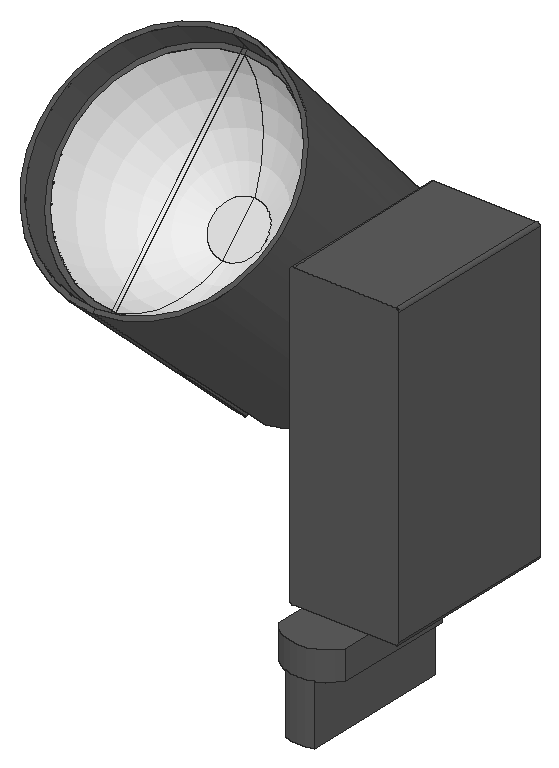
Revit family "0004943 Feilo Sylvania Lighting Fixture START TRACK SPOT L DALI 3306LM 930 MB BLK", category Lighting Fixtures, host Face, Revit 2017
Family settings
  Host = Face
  Round Connector Dimension = Use Diameter
  Part Type = Normal
  OmniClass Number = 23.80.70.00
  OmniClass Title = Lighting
  Cut with Voids When Loaded = No
  Light Source = No
  Shared = No
  Room Calculation Point = No
Parameters (values of type "0004943 START TRACK SPOT L DALI 3306LM 930 MB BLK")
  Weight = "1.368 kg"
  Wattage Comments = ""
  WarrantyStartDate [instance] = "n/a"
  WarrantyGuarantorParts = "n/a"
  WarrantyDurationUnit = "n/a"
  WarrantyDurationParts = "n/a"
  WarrantyDescription = "n/a"
  Voltage = 230 V
  URL = "http://www.sylvania-lighting.com/"
  TypeName = "START TRACK SPOT L DALI 3306LM 930 MB BLK"
  TypeHead_FEILO = Start Track Spot Head : 0004890 START TRACK SPOT L 35W 3K RA90 MB BLACK
  TypeBox_FEILO = Start Track Spot Box : Type Large Black
  Type Image = <None>
  Type Comments = "n/a"
  VerticalRotation_FEILO [instance] = 0.00°
  SlideEndAngle_FEILO [instance] = VerticalRotation_FEILO + 180.00°  # 180.00°
  SerialNumber [instance] = "n/a"
  Material_3_FEILO = none
  PowerFactor = 0.93
  PowerConsumption = "35 W"
  NominalLength = 0 mm
  NominalHeight = 240 mm
  NominalDepth = 164 mm
  Name = "START TRACK SPOT L DALI 3306LM 930 MB BLK"
  ModelReference = Name  # "START TRACK SPOT L DALI 3306LM 930 MB BLK"
  ModelNumber = "0004943"
  Model = Name  # "START TRACK SPOT L DALI 3306LM 930 MB BLK"
  Material = "adc12 aluminium housing, polycarbonate diffuser"
  ManufacturerName = "Feilo Sylvania"
  Manufacturer = "Feilo Sylvania"
  LuminousEfficacy = "94 lm/W"
  LuminaireType = ""
  LightOutputRatio = "100"
  LampsType = Lamp  # "LED"
  LampNominalLuminous = "3306 lm"
  LampMacAdamStep = "3"
  LampColourTemperature = "3000 K"
  LampColourRenderingIndex = "90"
  Lamp = "LED"
  Keynote = "16500"
  InstallationDate [instance] = "n/a"
  InputVoltage = "230-240V~"
  InputNominalFrequency = "50/60 Hz"
  IngressProtection = "IP20"
  ImpactProtectionIndex = "IK02"
  IfcExportType = "IfcLightFixtureType"
  IfcExportAs = "IfcLightFixtureType"
  HorizontalRotation_FEILO [instance] = 45.00°
  ExpectedLife = 50000
  ElectricShockClassification = "Class II"
  DurationUnit = "hours"
  DocumentationLiterature = "http://www.sylvania-lighting.com/product/en-int/products/0004890"
  DimmingControlOptions = "Dimmable"
  Material_2_FEILO = none
  Description = "Integrated LED spotlight, Textured Black - RAL9005, compact and minimalist design, ideal for retail applications, die-cast aluminium body, passive cooling heatsink. Beam angle: 38°, color temperature: 3000K , total system power: 35W, total fixture output: 3306 lm, LOR: 100%, colour rendering: Ra: 90 typical, LED Chromaticity: 3 step MacAdam ellipse, lifetime: >50000 hours at L70B50, energy class: A++, A+, A, IR/UV free light source without heat radiation, operating voltage: 220-240V / 50-60Hz, drive current: 900mA, electronic driver, non-dimmable, power factor: 0.93, electrical protection: Class II, Global Track 3 Phase adapter suitable for Global trac 3-circuit tracks, ingress protection rating: IP20, suitable for internal environment only, horizontal rotation: 355°, vertical tilt: 90°, dimensions: Ø113x164x240, weight: 1.368kg."
  Default Elevation = 1219.2 mm
  CreatedOn = "04/26/2018"
  CreatedBy = ""
  Cost = 0
  built-in parameter 1114216 [instance] = (empty or 0)
  ClassificationValue = "EF_70_80"
  ClassificationName = "Uniclass2015"
  Material_1_FEILO = Body-Sylvania-StartTrackSpot-Black
  BarCode [instance] = "n/a"
  AssetType = "Fixed"
  AssetIdentifier [instance] = "n/a"
  Assembly Code = "D5020200"
  Apparent Load = 35 VA
  Material_4_FEILO = none
Reference planes
  plane 1 "Center (Front/Back)": y = 0
  plane 2: z = 0
  plane 3 "Center (Left/Right)": x = 0
  plane 4: x = 15
  plane 5: x = -15
  plane 6: y = 35
  plane 7: y = -35
  plane 8: z = 13
  plane 9: z = -27
  plane 10: x = 6.5
  plane 11: x = -6.5
  plane 12: y = 27
  plane 13: y = -27
  plane 14: y = 20
Forms (mm)
  Extrusion 1, solid, material "Body-Sylvania-StartTrackSpot-Black" <- "Material_1_FEILO"
    sketch origin (0, 0, 0) x (1, 0, 0) y (0, 1, 0)
      loop
        line (-15, 27) -> (-15, -27)
        arc (-15, -27) -> (0, -35) -> (15, -27) r 18.062
        line (15, -27) -> (15, 27)
        arc (15, 27) -> (0, 35) -> (-15, 27) r 18.062
    from 0 to 13
  Extrusion 2, solid, material "Body-Sylvania-StartTrackSpot-Black" <- "Material_1_FEILO"
    sketch origin (0, 0, 0) x (1, 0, 0) y (0, 1, 0)
      loop
        arc (6.5, 33.79) -> (0, 35) -> (-6.5, 33.79) r 18.062
        line (-6.5, 33.79) -> (-6.5, -33.79)
        arc (-6.5, -33.79) -> (0, -35) -> (6.5, -33.79) r 18.062
        line (6.5, -33.79) -> (6.5, 33.79)
    from 0 to -27
  Revolve 3, solid, not visible
    sketch origin (1524, 20, 1219.2) x (1, 0, 0) y (0, 0, 1)
      loop
        line (-1524, -1206.2) -> (-1524, -1191.285) -> (-1530.5, -1191.285) -> (-1530.5, -1206.2) -> (-1524, -1206.2)
      axis (-1524, -1191.285) -> (-1524, -1206.2)
    angle from 0 <- "VerticalRotation_FEILO" to 180 <- "SlideEndAngle_FEILO"
Cuts and joins
  joined: Extrusion 1, Extrusion 2
Dimensions and locks
  equal spacing: plane 10, plane 3 "Center (Left/Right)", plane 11
  equal spacing: plane 4, plane 3 "Center (Left/Right)", plane 5
  locked: plane 8 to plane 2 at 13
  locked: plane 8 to plane 9 at 40
  equal spacing: plane 13, plane 1 "Center (Front/Back)", plane 12
  locked: plane 12 to plane 6 at 8
  locked: plane 14 to plane 6 at 15
  locked: Revolve 3 sketch curve to plane 8 at 14.915
  aligned and locked: plane 2 to host face
  aligned and locked: level to host face
  aligned and locked: plane 5 to Extrusion 1 sketch curve  (x2)
  aligned and locked: plane 12 to Extrusion 1 sketch curve
  aligned and locked: plane 13 to Extrusion 1 sketch curve
  aligned and locked: plane 4 to Extrusion 1 sketch curve
  aligned and locked: Extrusion 1 to plane 8
  aligned and locked: Extrusion 1 to level
  aligned and locked: Extrusion 2 sketch curve to Extrusion 1  (x2)
  aligned and locked: Extrusion 2 sketch curve to plane 11
  aligned and locked: plane 10 to Extrusion 2 sketch curve
  aligned and locked: plane 9 to Extrusion 2
  aligned and locked: level to Extrusion 2
  aligned and locked: Revolve 3 sketch curve to plane 3 "Center (Left/Right)"  (x2)
  aligned and locked: plane 11 to Revolve 3 sketch curve
  aligned and locked: Revolve 3 sketch curve to plane 8
Automatic sketch dimensions
  host sketch curve to host sketch curve = 2438.4 mm  (x2)
  Extrusion 1 sketch curve to plane 3 "Center (Left/Right)" = 0 mm  (x2)
  Extrusion 1 sketch curve to plane 13 = 10.062 mm
  plane 12 to Extrusion 1 sketch curve = 10.062 mm
  Revolve 3 sketch curve to plane 3 "Center (Left/Right)" = 0 mm
  plane 9 to Revolve 3 sketch curve = 582.6 mm
  Revolve 3 sketch curve to Revolve 3 sketch curve = 2581.144 mm
Nested families
  nested 1: "Start Track Spot Head" at (-75.5, 20, 133) x (0, 0.7071, 0.7071) z (0, 0.7071, -0.7071), type <- "TypeHead_FEILO", type "0004890 START TRACK SPOT L 35W 3K RA90 MB BLACK"
    with built-in parameter 1114216 (empty or 0)
  nested 2: "Start Track Spot Box" at (8.5, 20, 85) x (-1, 0, 0) z (0, -1, 0), BoxStartAngle_FEILO <- "HorizontalRotation_FEILO", type <- "TypeBox_FEILO", type "Type Large Black"
    with BoxStartAngle_FEILO 45.00°, BoxEndAngle_FEILO -135.00°
Connectors
  electrical at (0, 0, 0), driven by "Apparent Load", driven by "PowerFactor", driven by "Voltage"
    settings: index 1, voltage 230 V, apparent load 35 VA, apparent load phase1 0 VA, apparent load phase2 0 VA, apparent load phase3 0 VA, power factor 0.93, load classification "Lighting", number of poles 1, system type 30, power factor state 1, is connector primary yes, connector utility no, sub classification motor no, connector description ""
Definition of nested family "Start Track Spot Head"
  Parameters (values of type "0004811 START TRACK SPOT S 14W 3K RA80 NB WHITE")
    Wattage Comments = "n/a"
    Wattage = 14 W
    built-in parameter 1150110 = 1 (stored number, unit not read)
    URL = "http://www.feilosylvania.com"
    Type Image = (empty or 0)
    Type Comments = "n/a"
    built-in parameter 1114217 = 1 (stored number, unit not read)
    Tilt Angle = -90.00°
    built-in parameter 1150109 = 1 (stored number, unit not read)
    built-in parameter 1150134 = (empty or 0)
    built-in parameter 1150113 = 1 (stored number, unit not read)
    Photometric Web File = "0004811.ies"
    Material_3_FEILO = none
    Model = "START TRACK SPOT S 14W 3K RA80 NB WHITE"
    Manufacturer = "Feilo Sylvania"
    built-in parameter 1150105 = 123.66 (stored number, unit not read)
    Lumens = 1554 lm
    built-in parameter 1150115 = 1 (stored number, unit not read)
    built-in parameter 1150137 = (empty or 0)
    built-in parameter 1150139 = (empty or 0)
    built-in parameter 1150112 = 1 (stored number, unit not read)
    built-in parameter 1150114 = 1 (stored number, unit not read)
    Lamp = "LED"
    Keynote = "16500"
    Material_2_FEILO = none
    built-in parameter 1150132 = (empty or 0)
    built-in parameter 1150102 = (empty or 0)
    built-in parameter 1150107 = 3000 (stored number, unit not read)
    built-in parameter 1150138 = (empty or 0)
    built-in parameter 1150106 = 1.2366 (stored number, unit not read)
    HeadThickness_FEILO = if(HeadDiaOut_FEILO > 112 mm, 2 mm, 1.5 mm)  # 1.5 mm
    HeadRibOffset_FEILO = HeadHeight_FEILO / 28  # 4.179 mm
    HeadRibDepth_FEILO = HeadHeight_FEILO / 2.1  # 55.714 mm
    HeadRibCutWidth_FEILO = HeadDiaOut_FEILO / 12  # 7.167 mm
    HeadRibCutOffset_FEILO = HeadHeight_FEILO / 2.3  # 50.87 mm
    HeadReflectorRadius_FEILO = HeadDiaOut_FEILO / 1.7  # 50.588 mm
    HeadReflectorOffset_FEILO = HeadHeight_FEILO / 2.1  # 55.714 mm
    HeadLEDRadius_FEILO = HeadDiaOut_FEILO / 9  # 9.556 mm
    HeadHeight_FEILO = 117 mm
    HeadDraft_FEILO = 1 mm
    HeadDiffusorThickness_FEILO = 3 mm
    HeadDiffusorOffset_FEILO = HeadHeight_FEILO / 12.4  # 9.435 mm
    HeadDiaOut_FEILO = 86 mm
    HeadDiaIn_FEILO = HeadDiaOut_FEILO / 1.11  # 77.477 mm
    HeadAxisFromTop_FEILO = HeadHeight_FEILO / 1.687  # 69.354 mm
    Emit from Circle Diameter = HeadDiaIn_FEILO  # 77.477 mm
    Emit Shape Visible in Rendering = no
    built-in parameter 1150104 = 10.312 (stored number, unit not read)
    Dimming Lamp Color Temperature Shift = (empty or 0)
    Description = "Integrated LED spotlight, Textured White - RAL9016, compact and minimalist design, ideal for retail applications, die-cast aluminium body, passive cooling heatsink. Beam angle: 12°, color temperature: 3000K , total system power: 14W, total fixture output: 1551 lm, LOR: 100%, colour rendering: Ra: 80 typical, LED Chromaticity: 3 step MacAdam ellipse, lifetime: >50000 hours at L70B50, energy class: A++, A+, A, IR/UV free light source without heat radiation, operating voltage: 220-240V / 50-60Hz, drive current: 350mA, electronic driver, non-dimmable, power factor: 0.92, electrical protection: Class II, Global Track 3 Phase adapter suitable for Global trac 3-circuit tracks, ingress protection rating: IP20, suitable for internal environment only, horizontal rotation: 355°, vertical tilt: 90°, dimensions: Ø86x140x200, weight: 0.940kg."
    Default Elevation = 1219.2 mm
    Cost = 0
    Color Filter = 16777215
    built-in parameter 1114216 [instance] = (empty or 0)
    Material_1_FEILO = none
    built-in parameter 1114218 = 1 (stored number, unit not read)
    built-in parameter 1150133 = 10 (stored number, unit not read)
    Assembly Code = "D5020200"
    Apparent Load = 14 VA
    Material_4_FEILO = none
  Types (96, lengths in mm): name | Wattage | built-in parameter 1150134 | Photometric Web File | Model | built-in parameter 1150105 | Lumens | built-in parameter 1150107 | built-in parameter 1150106 | HeadThickness_FEILO | HeadRibOffset_FEILO | HeadRibDepth_FEILO | HeadRibCutWidth_FEILO | HeadRibCutOffset_FEILO | HeadReflectorRadius_FEILO | HeadReflectorOffset_FEILO | HeadLEDRadius_FEILO | HeadHeight_FEILO | HeadDiffusorOffset_FEILO | HeadDiaOut_FEILO | HeadDiaIn_FEILO | HeadAxisFromTop_FEILO | Emit from Circle Diameter | built-in parameter 1150104 | Description | Apparent Load
    0004906 START TRACK SPOT L 55W 4K RA90 WB BLACK | 55 W | 12 | "0004906.ies" | "START TRACK SPOT L 55W 4K RA90 WB BLACK" | 385.15 (stored number, unit not read) | 4840 lm | 4000 (stored number, unit not read) | 3.8515 (stored number, unit not read) | 2 | 4.429 | 59.048 | 9.417 | 53.913 | 66.471 | 59.048 | 12.556 | 124 | 10 | 113 | 101.802 | 73.503 | 101.802 | 8.1755 (stored number, unit not read) | "Integrated LED spotlight, Textured Black - RAL9005, compact and minimalist design, ideal for retail applications, die-cast aluminium body, passive cooling heatsink. Beam angle: 52°, color temperature: 4000K , total system power: 55W, total fixture output: 4824 lm, LOR: 100%, colour rendering: Ra: 90 typical, LED Chromaticity: 3 step MacAdam ellipse, lifetime: >50000 hours at L70B50, energy class: A++, A+, A, IR/UV free light source without heat radiation, operating voltage: 220-240V / 50-60Hz, drive current: 1400mA, electronic driver, non-dimmable, power factor: 0.96, electrical protection: Class II, Global Track 3 Phase adapter suitable for Global trac 3-circuit tracks, ingress protection rating: IP20, suitable for internal environment only, horizontal rotation: 355°, vertical tilt: 90°, dimensions: Ø113x164x240, weight: 1.398kg." | 55 VA
    0004905 START TRACK SPOT L 55W 4K RA90 MB BLACK | 55 W | 12 | "0004905.ies" | "START TRACK SPOT L 55W 4K RA90 MB BLACK" | 389.53 (stored number, unit not read) | 4895 lm | 4000 (stored number, unit not read) | 3.8953 (stored number, unit not read) | 2 | 4.429 | 59.048 | 9.417 | 53.913 | 66.471 | 59.048 | 12.556 | 124 | 10 | 113 | 101.802 | 73.503 | 101.802 | 8.2684 (stored number, unit not read) | "Integrated LED spotlight, Textured Black - RAL9005, compact and minimalist design, ideal for retail applications, die-cast aluminium body, passive cooling heatsink. Beam angle: 38°, color temperature: 4000K , total system power: 55W, total fixture output: 4897 lm, LOR: 100%, colour rendering: Ra: 90 typical, LED Chromaticity: 3 step MacAdam ellipse, lifetime: >50000 hours at L70B50, energy class: A++, A+, A, IR/UV free light source without heat radiation, operating voltage: 220-240V / 50-60Hz, drive current: 1400mA, electronic driver, non-dimmable, power factor: 0.96, electrical protection: Class II, Global Track 3 Phase adapter suitable for Global trac 3-circuit tracks, ingress protection rating: IP20, suitable for internal environment only, horizontal rotation: 355°, vertical tilt: 90°, dimensions: Ø113x164x240, weight: 1.398kg." | 55 VA
    0004904 START TRACK SPOT L 55W 4K RA90 NB BLACK | 55 W | 12 | "0004904.ies" | "START TRACK SPOT L 55W 4K RA90 NB BLACK" | 393.91 (stored number, unit not read) | 4950 lm | 4000 (stored number, unit not read) | 3.9391 (stored number, unit not read) | 2 | 4.429 | 59.048 | 9.417 | 53.913 | 66.471 | 59.048 | 12.556 | 124 | 10 | 113 | 101.802 | 73.503 | 101.802 | 8.3613 (stored number, unit not read) | "Integrated LED spotlight, Textured Black - RAL9005, compact and minimalist design, ideal for retail applications, die-cast aluminium body, passive cooling heatsink. Beam angle: 15°, color temperature: 4000K , total system power: 55W, total fixture output: 4965 lm, LOR: 100%, colour rendering: Ra: 90 typical, LED Chromaticity: 3 step MacAdam ellipse, lifetime: >50000 hours at L70B50, energy class: A++, A+, A, IR/UV free light source without heat radiation, operating voltage: 220-240V / 50-60Hz, drive current: 1400mA, electronic driver, non-dimmable, power factor: 0.96, electrical protection: Class II, Global Track 3 Phase adapter suitable for Global trac 3-circuit tracks, ingress protection rating: IP20, suitable for internal environment only, horizontal rotation: 355°, vertical tilt: 90°, dimensions: Ø113x164x240, weight: 1.398kg." | 55 VA
    0004903 START TRACK SPOT L 35W 4K RA90 WB BLACK | 35 W | 12 | "0004903.ies" | "START TRACK SPOT L 35W 4K RA90 WB BLACK" | 284.09 (stored number, unit not read) | 3570 lm | 4000 (stored number, unit not read) | 2.8409 (stored number, unit not read) | 2 | 4.429 | 59.048 | 9.417 | 53.913 | 66.471 | 59.048 | 12.556 | 124 | 10 | 113 | 101.802 | 73.503 | 101.802 | 9.4761 (stored number, unit not read) | "Integrated LED spotlight, Textured Black - RAL9005, compact and minimalist design, ideal for retail applications, die-cast aluminium body, passive cooling heatsink. Beam angle: 52°, color temperature: 4000K , total system power: 35W, total fixture output: 3562 lm, LOR: 100%, colour rendering: Ra: 90 typical, LED Chromaticity: 3 step MacAdam ellipse, lifetime: >50000 hours at L70B50, energy class: A++, A+, A, IR/UV free light source without heat radiation, operating voltage: 220-240V / 50-60Hz, drive current: 900mA, electronic driver, non-dimmable, power factor: 0.93, electrical protection: Class II, Global Track 3 Phase adapter suitable for Global trac 3-circuit tracks, ingress protection rating: IP20, suitable for internal environment only, horizontal rotation: 355°, vertical tilt: 90°, dimensions: Ø113x164x240, weight: 1.368kg." | 35 VA
    0004902 START TRACK SPOT L 35W 4K RA90 MB BLACK | 35 W | 12 | "0004902.ies" | "START TRACK SPOT L 35W 4K RA90 MB BLACK" | 286.88 (stored number, unit not read) | 3605 lm | 4000 (stored number, unit not read) | 2.8688 (stored number, unit not read) | 2 | 4.429 | 59.048 | 9.417 | 53.913 | 66.471 | 59.048 | 12.556 | 124 | 10 | 113 | 101.802 | 73.503 | 101.802 | 9.569 (stored number, unit not read) | "Integrated LED spotlight, Textured Black - RAL9005, compact and minimalist design, ideal for retail applications, die-cast aluminium body, passive cooling heatsink. Beam angle: 38°, color temperature: 4000K , total system power: 35W, total fixture output: 3616 lm, LOR: 100%, colour rendering: Ra: 90 typical, LED Chromaticity: 3 step MacAdam ellipse, lifetime: >50000 hours at L70B50, energy class: A++, A+, A, IR/UV free light source without heat radiation, operating voltage: 220-240V / 50-60Hz, drive current: 900mA, electronic driver, non-dimmable, power factor: 0.93, electrical protection: Class II, Global Track 3 Phase adapter suitable for Global trac 3-circuit tracks, ingress protection rating: IP20, suitable for internal environment only, horizontal rotation: 355°, vertical tilt: 90°, dimensions: Ø113x164x240, weight: 1.368kg." | 35 VA
    0004901 START TRACK SPOT L 35W 4K RA90 NB BLACK | 35 W | 12 | "0004901.ies" | "START TRACK SPOT L 35W 4K RA90 NB BLACK" | 286.88 (stored number, unit not read) | 3605 lm | 4000 (stored number, unit not read) | 2.8688 (stored number, unit not read) | 2 | 4.429 | 59.048 | 9.417 | 53.913 | 66.471 | 59.048 | 12.556 | 124 | 10 | 113 | 101.802 | 73.503 | 101.802 | 9.569 (stored number, unit not read) | "Integrated LED spotlight, Textured Black - RAL9005, compact and minimalist design, ideal for retail applications, die-cast aluminium body, passive cooling heatsink. Beam angle: 15°, color temperature: 4000K , total system power: 35W, total fixture output: 3593 lm, LOR: 100%, colour rendering: Ra: 90 typical, LED Chromaticity: 3 step MacAdam ellipse, lifetime: >50000 hours at L70B50, energy class: A++, A+, A, IR/UV free light source without heat radiation, operating voltage: 220-240V / 50-60Hz, drive current: 900mA, electronic driver, non-dimmable, power factor: 0.93, electrical protection: Class II, Global Track 3 Phase adapter suitable for Global trac 3-circuit tracks, ingress protection rating: IP20, suitable for internal environment only, horizontal rotation: 355°, vertical tilt: 90°, dimensions: Ø113x164x240, weight: 1.368kg." | 35 VA
    0004900 START TRACK SPOT S 24W 4K RA90 WB BLACK | 24 W | 12 | "0004900.ies" | "START TRACK SPOT S 24W 4K RA90 WB BLACK" | 166.16 (stored number, unit not read) | 2088 lm | 4000 (stored number, unit not read) | 1.6616 (stored number, unit not read) | 1.5 | 4.179 | 55.714 | 7.167 | 50.87 | 50.588 | 55.714 | 9.556 | 117 | 9.435 | 86 | 77.477 | 69.354 | 77.477 | 8.0826 (stored number, unit not read) | "Integrated LED spotlight, Textured Black - RAL9005, compact and minimalist design, ideal for retail applications, die-cast aluminium body, passive cooling heatsink. Beam angle: 64°, color temperature: 4000K , total system power: 24W, total fixture output: 2087 lm, LOR: 100%, colour rendering: Ra: 90 typical, LED Chromaticity: 3 step MacAdam ellipse, lifetime: >50000 hours at L70B50, energy class: A++, A+, A, IR/UV free light source without heat radiation, operating voltage: 220-240V / 50-60Hz, drive current: 600mA, electronic driver, non-dimmable, power factor: 0.95, electrical protection: Class II, Global Track 3 Phase adapter suitable for Global trac 3-circuit tracks, ingress protection rating: IP20, suitable for internal environment only, horizontal rotation: 355°, vertical tilt: 90°, dimensions: Ø86x140x200, weight: 0.966kg." | 24 VA
    0004899 START TRACK SPOT S 24W 4K RA90 MB BLACK | 24 W | 12 | "0004899.ies" | "START TRACK SPOT S 24W 4K RA90 MB BLACK" | 169.98 (stored number, unit not read) | 2136 lm | 4000 (stored number, unit not read) | 1.6998 (stored number, unit not read) | 1.5 | 4.179 | 55.714 | 7.167 | 50.87 | 50.588 | 55.714 | 9.556 | 117 | 9.435 | 86 | 77.477 | 69.354 | 77.477 | 8.2684 (stored number, unit not read) | "Integrated LED spotlight, Textured Black - RAL9005, compact and minimalist design, ideal for retail applications, die-cast aluminium body, passive cooling heatsink. Beam angle: 36°, color temperature: 4000K , total system power: 24W, total fixture output: 2141 lm, LOR: 100%, colour rendering: Ra: 90 typical, LED Chromaticity: 3 step MacAdam ellipse, lifetime: >50000 hours at L70B50, energy class: A++, A+, A, IR/UV free light source without heat radiation, operating voltage: 220-240V / 50-60Hz, drive current: 600mA, electronic driver, non-dimmable, power factor: 0.95, electrical protection: Class II, Global Track 3 Phase adapter suitable for Global trac 3-circuit tracks, ingress protection rating: IP20, suitable for internal environment only, horizontal rotation: 355°, vertical tilt: 90°, dimensions: Ø86x140x200, weight: 0.966kg." | 24 VA
    0004898 START TRACK SPOT S 24W 4K RA90 NB BLACK | 24 W | 12 | "0004898.ies" | "START TRACK SPOT S 24W 4K RA90 NB BLACK" | 171.89 (stored number, unit not read) | 2160 lm | 4000 (stored number, unit not read) | 1.7189 (stored number, unit not read) | 1.5 | 4.179 | 55.714 | 7.167 | 50.87 | 50.588 | 55.714 | 9.556 | 117 | 9.435 | 86 | 77.477 | 69.354 | 77.477 | 8.3613 (stored number, unit not read) | "Integrated LED spotlight, Textured Black - RAL9005, compact and minimalist design, ideal for retail applications, die-cast aluminium body, passive cooling heatsink. Beam angle: 12°, color temperature: 4000K , total system power: 24W, total fixture output: 2155 lm, LOR: 100%, colour rendering: Ra: 90 typical, LED Chromaticity: 3 step MacAdam ellipse, lifetime: >50000 hours at L70B50, energy class: A++, A+, A, IR/UV free light source without heat radiation, operating voltage: 220-240V / 50-60Hz, drive current: 600mA, electronic driver, non-dimmable, power factor: 0.95, electrical protection: Class II, Global Track 3 Phase adapter suitable for Global trac 3-circuit tracks, ingress protection rating: IP20, suitable for internal environment only, horizontal rotation: 355°, vertical tilt: 90°, dimensions: Ø86x140x200, weight: 0.966kg." | 24 VA
    0004897 START TRACK SPOT S 14W 4K RA90 WB BLACK | 14 W | 12 | "0004897.ies" | "START TRACK SPOT S 14W 4K RA90 WB BLACK" | 108.07 (stored number, unit not read) | 1358 lm | 4000 (stored number, unit not read) | 1.0807 (stored number, unit not read) | 1.5 | 4.179 | 55.714 | 7.167 | 50.87 | 50.588 | 55.714 | 9.556 | 117 | 9.435 | 86 | 77.477 | 69.354 | 77.477 | 9.0116 (stored number, unit not read) | "Integrated LED spotlight, Textured Black - RAL9005, compact and minimalist design, ideal for retail applications, die-cast aluminium body, passive cooling heatsink. Beam angle: 64°, color temperature: 4000K , total system power: 14W, total fixture output: 1352 lm, LOR: 100%, colour rendering: Ra: 90 typical, LED Chromaticity: 3 step MacAdam ellipse, lifetime: >50000 hours at L70B50, energy class: A++, A+, A, IR/UV free light source without heat radiation, operating voltage: 220-240V / 50-60Hz, drive current: 350mA, electronic driver, non-dimmable, power factor: 0.92, electrical protection: Class II, Global Track 3 Phase adapter suitable for Global trac 3-circuit tracks, ingress protection rating: IP20, suitable for internal environment only, horizontal rotation: 355°, vertical tilt: 90°, dimensions: Ø86x140x200, weight: 0.940kg." | 14 VA
    0004896 START TRACK SPOT S 14W 4K RA90 MB BLACK | 14 W | 12 | "0004896.ies" | "START TRACK SPOT S 14W 4K RA90 MB BLACK" | 108.07 (stored number, unit not read) | 1358 lm | 4000 (stored number, unit not read) | 1.0807 (stored number, unit not read) | 1.5 | 4.179 | 55.714 | 7.167 | 50.87 | 50.588 | 55.714 | 9.556 | 117 | 9.435 | 86 | 77.477 | 69.354 | 77.477 | 9.0116 (stored number, unit not read) | "Integrated LED spotlight, Textured Black - RAL9005, compact and minimalist design, ideal for retail applications, die-cast aluminium body, passive cooling heatsink. Beam angle: 36°, color temperature: 4000K , total system power: 14W, total fixture output: 1359 lm, LOR: 100%, colour rendering: Ra: 90 typical, LED Chromaticity: 3 step MacAdam ellipse, lifetime: >50000 hours at L70B50, energy class: A++, A+, A, IR/UV free light source without heat radiation, operating voltage: 220-240V / 50-60Hz, drive current: 350mA, electronic driver, non-dimmable, power factor: 0.92, electrical protection: Class II, Global Track 3 Phase adapter suitable for Global trac 3-circuit tracks, ingress protection rating: IP20, suitable for internal environment only, horizontal rotation: 355°, vertical tilt: 90°, dimensions: Ø86x140x200, weight: 0.940kg." | 14 VA
    0004895 START TRACK SPOT S 14W 4K RA90 NB BLACK | 14 W | 12 | "0004895.ies" | "START TRACK SPOT S 14W 4K RA90 NB BLACK" | 106.95 (stored number, unit not read) | 1344 lm | 4000 (stored number, unit not read) | 1.0695 (stored number, unit not read) | 1.5 | 4.179 | 55.714 | 7.167 | 50.87 | 50.588 | 55.714 | 9.556 | 117 | 9.435 | 86 | 77.477 | 69.354 | 77.477 | 8.9187 (stored number, unit not read) | "Integrated LED spotlight, Textured Black - RAL9005, compact and minimalist design, ideal for retail applications, die-cast aluminium body, passive cooling heatsink. Beam angle: 12°, color temperature: 4000K , total system power: 14W, total fixture output: 1349 lm, LOR: 100%, colour rendering: Ra: 90 typical, LED Chromaticity: 3 step MacAdam ellipse, lifetime: >50000 hours at L70B50, energy class: A++, A+, A, IR/UV free light source without heat radiation, operating voltage: 220-240V / 50-60Hz, drive current: 350mA, electronic driver, non-dimmable, power factor: 0.92, electrical protection: Class II, Global Track 3 Phase adapter suitable for Global trac 3-circuit tracks, ingress protection rating: IP20, suitable for internal environment only, horizontal rotation: 355°, vertical tilt: 90°, dimensions: Ø86x140x200, weight: 0.940kg." | 14 VA
    0004894 START TRACK SPOT L 55W 3K RA90 WB BLACK | 55 W | (empty or 0) | "0004894.ies" | "START TRACK SPOT L 55W 3K RA90 WB BLACK" | 350.14 (stored number, unit not read) | 4400 lm | 3000 (stored number, unit not read) | 3.5014 (stored number, unit not read) | 2 | 4.429 | 59.048 | 9.417 | 53.913 | 66.471 | 59.048 | 12.556 | 124 | 10 | 113 | 101.802 | 73.503 | 101.802 | 7.4322 (stored number, unit not read) | "Integrated LED spotlight, Textured Black - RAL9005, compact and minimalist design, ideal for retail applications, die-cast aluminium body, passive cooling heatsink. Beam angle: 52°, color temperature: 3000K , total system power: 55W, total fixture output: 4405 lm, LOR: 100%, colour rendering: Ra: 90 typical, LED Chromaticity: 3 step MacAdam ellipse, lifetime: >50000 hours at L70B50, energy class: A++, A+, A, IR/UV free light source without heat radiation, operating voltage: 220-240V / 50-60Hz, drive current: 1400mA, electronic driver, non-dimmable, power factor: 0.96, electrical protection: Class II, Global Track 3 Phase adapter suitable for Global trac 3-circuit tracks, ingress protection rating: IP20, suitable for internal environment only, horizontal rotation: 355°, vertical tilt: 90°, dimensions: Ø113x164x240, weight: 1.398kg." | 55 VA
    0004893 START TRACK SPOT L 55W 3K RA90 MB BLACK | 55 W | (empty or 0) | "0004893.ies" | "START TRACK SPOT L 55W 3K RA90 MB BLACK" | 354.52 (stored number, unit not read) | 4455 lm | 3000 (stored number, unit not read) | 3.5452 (stored number, unit not read) | 2 | 4.429 | 59.048 | 9.417 | 53.913 | 66.471 | 59.048 | 12.556 | 124 | 10 | 113 | 101.802 | 73.503 | 101.802 | 7.5251 (stored number, unit not read) | "Integrated LED spotlight, Textured Black - RAL9005, compact and minimalist design, ideal for retail applications, die-cast aluminium body, passive cooling heatsink. Beam angle: 38°, color temperature: 3000K , total system power: 55W, total fixture output: 4448 lm, LOR: 100%, colour rendering: Ra: 90 typical, LED Chromaticity: 3 step MacAdam ellipse, lifetime: >50000 hours at L70B50, energy class: A++, A+, A, IR/UV free light source without heat radiation, operating voltage: 220-240V / 50-60Hz, drive current: 1400mA, electronic driver, non-dimmable, power factor: 0.96, electrical protection: Class II, Global Track 3 Phase adapter suitable for Global trac 3-circuit tracks, ingress protection rating: IP20, suitable for internal environment only, horizontal rotation: 355°, vertical tilt: 90°, dimensions: Ø113x164x240, weight: 1.398kg." | 55 VA
    0004892 START TRACK SPOT L 55W 3K RA90 NB BLACK | 55 W | (empty or 0) | "0004892.ies" | "START TRACK SPOT L 55W 3K RA90 NB BLACK" | 350.14 (stored number, unit not read) | 4400 lm | 3000 (stored number, unit not read) | 3.5014 (stored number, unit not read) | 2 | 4.429 | 59.048 | 9.417 | 53.913 | 66.471 | 59.048 | 12.556 | 124 | 10 | 113 | 101.802 | 73.503 | 101.802 | 7.4322 (stored number, unit not read) | "Integrated LED spotlight, Textured Black - RAL9005, compact and minimalist design, ideal for retail applications, die-cast aluminium body, passive cooling heatsink. Beam angle: 15°, color temperature: 3000K , total system power: 55W, total fixture output: 4416 lm, LOR: 100%, colour rendering: Ra: 90 typical, LED Chromaticity: 3 step MacAdam ellipse, lifetime: >50000 hours at L70B50, energy class: A++, A+, A, IR/UV free light source without heat radiation, operating voltage: 220-240V / 50-60Hz, drive current: 1400mA, electronic driver, non-dimmable, power factor: 0.96, electrical protection: Class II, Global Track 3 Phase adapter suitable for Global trac 3-circuit tracks, ingress protection rating: IP20, suitable for internal environment only, horizontal rotation: 355°, vertical tilt: 90°, dimensions: Ø113x164x240, weight: 1.398kg." | 55 VA
    0004891 START TRACK SPOT L 35W 3K RA90 WB BLACK | 35 W | (empty or 0) | "0004891.ies" | "START TRACK SPOT L 35W 3K RA90 WB BLACK" | 259.02 (stored number, unit not read) | 3255 lm | 3000 (stored number, unit not read) | 2.5902 (stored number, unit not read) | 2 | 4.429 | 59.048 | 9.417 | 53.913 | 66.471 | 59.048 | 12.556 | 124 | 10 | 113 | 101.802 | 73.503 | 101.802 | 8.64 (stored number, unit not read) | "Integrated LED spotlight, Textured Black - RAL9005, compact and minimalist design, ideal for retail applications, die-cast aluminium body, passive cooling heatsink. Beam angle: 52°, color temperature: 3000K , total system power: 35W, total fixture output: 3260 lm, LOR: 100%, colour rendering: Ra: 90 typical, LED Chromaticity: 3 step MacAdam ellipse, lifetime: >50000 hours at L70B50, energy class: A++, A+, A, IR/UV free light source without heat radiation, operating voltage: 220-240V / 50-60Hz, drive current: 900mA, electronic driver, non-dimmable, power factor: 0.93, electrical protection: Class II, Global Track 3 Phase adapter suitable for Global trac 3-circuit tracks, ingress protection rating: IP20, suitable for internal environment only, horizontal rotation: 355°, vertical tilt: 90°, dimensions: Ø113x164x240, weight: 1.368kg." | 35 VA
    0004890 START TRACK SPOT L 35W 3K RA90 MB BLACK | 35 W | (empty or 0) | "0004890.ies" | "START TRACK SPOT L 35W 3K RA90 MB BLACK" | 261.81 (stored number, unit not read) | 3290 lm | 3000 (stored number, unit not read) | 2.6181 (stored number, unit not read) | 2 | 4.429 | 59.048 | 9.417 | 53.913 | 66.471 | 59.048 | 12.556 | 124 | 10 | 113 | 101.802 | 73.503 | 101.802 | 8.7329 (stored number, unit not read) | "Integrated LED spotlight, Textured Black - RAL9005, compact and minimalist design, ideal for retail applications, die-cast aluminium body, passive cooling heatsink. Beam angle: 38°, color temperature: 3000K , total system power: 35W, total fixture output: 3306 lm, LOR: 100%, colour rendering: Ra: 90 typical, LED Chromaticity: 3 step MacAdam ellipse, lifetime: >50000 hours at L70B50, energy class: A++, A+, A, IR/UV free light source without heat radiation, operating voltage: 220-240V / 50-60Hz, drive current: 900mA, electronic driver, non-dimmable, power factor: 0.93, electrical protection: Class II, Global Track 3 Phase adapter suitable for Global trac 3-circuit tracks, ingress protection rating: IP20, suitable for internal environment only, horizontal rotation: 355°, vertical tilt: 90°, dimensions: Ø113x164x240, weight: 1.368kg." | 35 VA
    0004889 START TRACK SPOT L 35W 3K RA90 NB BLACK | 35 W | (empty or 0) | "0004889.ies" | "START TRACK SPOT L 35W 3K RA90 NB BLACK" | 261.81 (stored number, unit not read) | 3290 lm | 3000 (stored number, unit not read) | 2.6181 (stored number, unit not read) | 2 | 4.429 | 59.048 | 9.417 | 53.913 | 66.471 | 59.048 | 12.556 | 124 | 10 | 113 | 101.802 | 73.503 | 101.802 | 8.7329 (stored number, unit not read) | "Integrated LED spotlight, Textured Black - RAL9005, compact and minimalist design, ideal for retail applications, die-cast aluminium body, passive cooling heatsink. Beam angle: 15°, color temperature: 3000K , total system power: 35W, total fixture output: 3287 lm, LOR: 100%, colour rendering: Ra: 90 typical, LED Chromaticity: 3 step MacAdam ellipse, lifetime: >50000 hours at L70B50, energy class: A++, A+, A, IR/UV free light source without heat radiation, operating voltage: 220-240V / 50-60Hz, drive current: 900mA, electronic driver, non-dimmable, power factor: 0.93, electrical protection: Class II, Global Track 3 Phase adapter suitable for Global trac 3-circuit tracks, ingress protection rating: IP20, suitable for internal environment only, horizontal rotation: 355°, vertical tilt: 90°, dimensions: Ø113x164x240, weight: 1.368kg." | 35 VA
    0004888 START TRACK SPOT S 24W 3K RA90 WB BLACK | 24 W | (empty or 0) | "0004888.ies" | "START TRACK SPOT S 24W 3K RA90 WB BLACK" | 152.79 (stored number, unit not read) | 1920 lm | 3000 (stored number, unit not read) | 1.5279 (stored number, unit not read) | 1.5 | 4.179 | 55.714 | 7.167 | 50.87 | 50.588 | 55.714 | 9.556 | 117 | 9.435 | 86 | 77.477 | 69.354 | 77.477 | 7.4322 (stored number, unit not read) | "Integrated LED spotlight, Textured Black - RAL9005, compact and minimalist design, ideal for retail applications, die-cast aluminium body, passive cooling heatsink. Beam angle: 64°, color temperature: 3000K , total system power: 24W, total fixture output: 1928 lm, LOR: 100%, colour rendering: Ra: 90 typical, LED Chromaticity: 3 step MacAdam ellipse, lifetime: >50000 hours at L70B50, energy class: A++, A+, A, IR/UV free light source without heat radiation, operating voltage: 220-240V / 50-60Hz, drive current: 600mA, electronic driver, non-dimmable, power factor: 0.95, electrical protection: Class II, Global Track 3 Phase adapter suitable for Global trac 3-circuit tracks, ingress protection rating: IP20, suitable for internal environment only, horizontal rotation: 355°, vertical tilt: 90°, dimensions: Ø86x140x200, weight: 0.966kg." | 24 VA
    0004887 START TRACK SPOT S 24W 3K RA90 MB BLACK | 24 W | (empty or 0) | "0004887.ies" | "START TRACK SPOT S 24W 3K RA90 MB BLACK" | 154.7 (stored number, unit not read) | 1944 lm | 3000 (stored number, unit not read) | 1.547 (stored number, unit not read) | 1.5 | 4.179 | 55.714 | 7.167 | 50.87 | 50.588 | 55.714 | 9.556 | 117 | 9.435 | 86 | 77.477 | 69.354 | 77.477 | 7.5251 (stored number, unit not read) | "Integrated LED spotlight, Textured Black - RAL9005, compact and minimalist design, ideal for retail applications, die-cast aluminium body, passive cooling heatsink. Beam angle: 36°, color temperature: 3000K , total system power: 24W, total fixture output: 1944 lm, LOR: 100%, colour rendering: Ra: 90 typical, LED Chromaticity: 3 step MacAdam ellipse, lifetime: >50000 hours at L70B50, energy class: A++, A+, A, IR/UV free light source without heat radiation, operating voltage: 220-240V / 50-60Hz, drive current: 600mA, electronic driver, non-dimmable, power factor: 0.95, electrical protection: Class II, Global Track 3 Phase adapter suitable for Global trac 3-circuit tracks, ingress protection rating: IP20, suitable for internal environment only, horizontal rotation: 355°, vertical tilt: 90°, dimensions: Ø86x140x200, weight: 0.966kg." | 24 VA
    0004886 START TRACK SPOT S 24W 3K RA90 NB BLACK | 24 W | (empty or 0) | "0004886.ies" | "START TRACK SPOT S 24W 3K RA90 NB BLACK" | 158.52 (stored number, unit not read) | 1992 lm | 3000 (stored number, unit not read) | 1.5852 (stored number, unit not read) | 1.5 | 4.179 | 55.714 | 7.167 | 50.87 | 50.588 | 55.714 | 9.556 | 117 | 9.435 | 86 | 77.477 | 69.354 | 77.477 | 7.711 (stored number, unit not read) | "Integrated LED spotlight, Textured Black - RAL9005, compact and minimalist design, ideal for retail applications, die-cast aluminium body, passive cooling heatsink. Beam angle: 12°, color temperature: 3000K , total system power: 24W, total fixture output: 1987 lm, LOR: 100%, colour rendering: Ra: 90 typical, LED Chromaticity: 3 step MacAdam ellipse, lifetime: >50000 hours at L70B50, energy class: A++, A+, A, IR/UV free light source without heat radiation, operating voltage: 220-240V / 50-60Hz, drive current: 600mA, electronic driver, non-dimmable, power factor: 0.95, electrical protection: Class II, Global Track 3 Phase adapter suitable for Global trac 3-circuit tracks, ingress protection rating: IP20, suitable for internal environment only, horizontal rotation: 355°, vertical tilt: 90°, dimensions: Ø86x140x200, weight: 0.966kg." | 24 VA
    0004885 START TRACK SPOT S 14W 3K RA90 WB BLACK | 14 W | (empty or 0) | "0004885.ies" | "START TRACK SPOT S 14W 3K RA90 WB BLACK" | 100.27 (stored number, unit not read) | 1260 lm | 3000 (stored number, unit not read) | 1.0027 (stored number, unit not read) | 1.5 | 4.179 | 55.714 | 7.167 | 50.87 | 50.588 | 55.714 | 9.556 | 117 | 9.435 | 86 | 77.477 | 69.354 | 77.477 | 8.3613 (stored number, unit not read) | "Integrated LED spotlight, Textured Black - RAL9005, compact and minimalist design, ideal for retail applications, die-cast aluminium body, passive cooling heatsink. Beam angle: 64°, color temperature: 3000K , total system power: 14W, total fixture output: 1262 lm, LOR: 100%, colour rendering: Ra: 90 typical, LED Chromaticity: 3 step MacAdam ellipse, lifetime: >50000 hours at L70B50, energy class: A++, A+, A, IR/UV free light source without heat radiation, operating voltage: 220-240V / 50-60Hz, drive current: 350mA, electronic driver, non-dimmable, power factor: 0.92, electrical protection: Class II, Global Track 3 Phase adapter suitable for Global trac 3-circuit tracks, ingress protection rating: IP20, suitable for internal environment only, horizontal rotation: 355°, vertical tilt: 90°, dimensions: Ø86x140x200, weight: 0.940kg." | 14 VA
    0004884 START TRACK SPOT S 14W 3K RA90 MB BLACK | 14 W | (empty or 0) | "0004884.ies" | "START TRACK SPOT S 14W 3K RA90 MB BLACK" | 100.27 (stored number, unit not read) | 1260 lm | 3000 (stored number, unit not read) | 1.0027 (stored number, unit not read) | 1.5 | 4.179 | 55.714 | 7.167 | 50.87 | 50.588 | 55.714 | 9.556 | 117 | 9.435 | 86 | 77.477 | 69.354 | 77.477 | 8.3613 (stored number, unit not read) | "Integrated LED spotlight, Textured Black - RAL9005, compact and minimalist design, ideal for retail applications, die-cast aluminium body, passive cooling heatsink. Beam angle: 36°, color temperature: 3000K , total system power: 14W, total fixture output: 1262 lm, LOR: 100%, colour rendering: Ra: 90 typical, LED Chromaticity: 3 step MacAdam ellipse, lifetime: >50000 hours at L70B50, energy class: A++, A+, A, IR/UV free light source without heat radiation, operating voltage: 220-240V / 50-60Hz, drive current: 350mA, electronic driver, non-dimmable, power factor: 0.92, electrical protection: Class II, Global Track 3 Phase adapter suitable for Global trac 3-circuit tracks, ingress protection rating: IP20, suitable for internal environment only, horizontal rotation: 355°, vertical tilt: 90°, dimensions: Ø86x140x200, weight: 0.940kg." | 14 VA
    0004883 START TRACK SPOT S 14W 3K RA90 NB BLACK | 14 W | (empty or 0) | "0004883.ies" | "START TRACK SPOT S 14W 3K RA90 NB BLACK" | 102.5 (stored number, unit not read) | 1288 lm | 3000 (stored number, unit not read) | 1.025 (stored number, unit not read) | 1.5 | 4.179 | 55.714 | 7.167 | 50.87 | 50.588 | 55.714 | 9.556 | 117 | 9.435 | 86 | 77.477 | 69.354 | 77.477 | 8.5471 (stored number, unit not read) | "Integrated LED spotlight, Textured Black - RAL9005, compact and minimalist design, ideal for retail applications, die-cast aluminium body, passive cooling heatsink. Beam angle: 12°, color temperature: 3000K , total system power: 14W, total fixture output: 1284 lm, LOR: 100%, colour rendering: Ra: 90 typical, LED Chromaticity: 3 step MacAdam ellipse, lifetime: >50000 hours at L70B50, energy class: A++, A+, A, IR/UV free light source without heat radiation, operating voltage: 220-240V / 50-60Hz, drive current: 350mA, electronic driver, non-dimmable, power factor: 0.92, electrical protection: Class II, Global Track 3 Phase adapter suitable for Global trac 3-circuit tracks, ingress protection rating: IP20, suitable for internal environment only, horizontal rotation: 355°, vertical tilt: 90°, dimensions: Ø86x140x200, weight: 0.940kg." | 14 VA
    0004882 START TRACK SPOT L 55W 4K RA90 WB WHITE | 55 W | 12 | "0004882.ies" | "START TRACK SPOT L 55W 4K RA90 WB WHITE" | 385.15 (stored number, unit not read) | 4840 lm | 4000 (stored number, unit not read) | 3.8515 (stored number, unit not read) | 2 | 4.429 | 59.048 | 9.417 | 53.913 | 66.471 | 59.048 | 12.556 | 124 | 10 | 113 | 101.802 | 73.503 | 101.802 | 8.1755 (stored number, unit not read) | "Integrated LED spotlight, Textured White - RAL9016, compact and minimalist design, ideal for retail applications, die-cast aluminium body, passive cooling heatsink. Beam angle: 52°, color temperature: 4000K , total system power: 55W, total fixture output: 4824 lm, LOR: 100%, colour rendering: Ra: 90 typical, LED Chromaticity: 3 step MacAdam ellipse, lifetime: >50000 hours at L70B50, energy class: A++, A+, A, IR/UV free light source without heat radiation, operating voltage: 220-240V / 50-60Hz, drive current: 1400mA, electronic driver, non-dimmable, power factor: 0.96, electrical protection: Class II, Global Track 3 Phase adapter suitable for Global trac 3-circuit tracks, ingress protection rating: IP20, suitable for internal environment only, horizontal rotation: 355°, vertical tilt: 90°, dimensions: Ø113x164x240, weight: 1.398kg." | 55 VA
    0004881 START TRACK SPOT L 55W 4K RA90 MB WHITE | 55 W | 12 | "0004881.ies" | "START TRACK SPOT L 55W 4K RA90 MB WHITE" | 389.53 (stored number, unit not read) | 4895 lm | 4000 (stored number, unit not read) | 3.8953 (stored number, unit not read) | 2 | 4.429 | 59.048 | 9.417 | 53.913 | 66.471 | 59.048 | 12.556 | 124 | 10 | 113 | 101.802 | 73.503 | 101.802 | 8.2684 (stored number, unit not read) | "Integrated LED spotlight, Textured White - RAL9016, compact and minimalist design, ideal for retail applications, die-cast aluminium body, passive cooling heatsink. Beam angle: 38°, color temperature: 4000K , total system power: 55W, total fixture output: 4897 lm, LOR: 100%, colour rendering: Ra: 90 typical, LED Chromaticity: 3 step MacAdam ellipse, lifetime: >50000 hours at L70B50, energy class: A++, A+, A, IR/UV free light source without heat radiation, operating voltage: 220-240V / 50-60Hz, drive current: 1400mA, electronic driver, non-dimmable, power factor: 0.96, electrical protection: Class II, Global Track 3 Phase adapter suitable for Global trac 3-circuit tracks, ingress protection rating: IP20, suitable for internal environment only, horizontal rotation: 355°, vertical tilt: 90°, dimensions: Ø113x164x240, weight: 1.398kg." | 55 VA
    0004880 START TRACK SPOT L 55W 4K RA90 NB WHITE | 55 W | 12 | "0004880.ies" | "START TRACK SPOT L 55W 4K RA90 NB WHITE" | 393.91 (stored number, unit not read) | 4950 lm | 4000 (stored number, unit not read) | 3.9391 (stored number, unit not read) | 2 | 4.429 | 59.048 | 9.417 | 53.913 | 66.471 | 59.048 | 12.556 | 124 | 10 | 113 | 101.802 | 73.503 | 101.802 | 8.3613 (stored number, unit not read) | "Integrated LED spotlight, Textured White - RAL9016, compact and minimalist design, ideal for retail applications, die-cast aluminium body, passive cooling heatsink. Beam angle: 15°, color temperature: 4000K , total system power: 55W, total fixture output: 4965 lm, LOR: 100%, colour rendering: Ra: 90 typical, LED Chromaticity: 3 step MacAdam ellipse, lifetime: >50000 hours at L70B50, energy class: A++, A+, A, IR/UV free light source without heat radiation, operating voltage: 220-240V / 50-60Hz, drive current: 1400mA, electronic driver, non-dimmable, power factor: 0.96, electrical protection: Class II, Global Track 3 Phase adapter suitable for Global trac 3-circuit tracks, ingress protection rating: IP20, suitable for internal environment only, horizontal rotation: 355°, vertical tilt: 90°, dimensions: Ø113x164x240, weight: 1.398kg." | 55 VA
    0004879 START TRACK SPOT L 35W 4K RA90 WB WHITE | 35 W | 12 | "0004879.ies" | "START TRACK SPOT L 35W 4K RA90 WB WHITE" | 284.09 (stored number, unit not read) | 3570 lm | 4000 (stored number, unit not read) | 2.8409 (stored number, unit not read) | 2 | 4.429 | 59.048 | 9.417 | 53.913 | 66.471 | 59.048 | 12.556 | 124 | 10 | 113 | 101.802 | 73.503 | 101.802 | 9.4761 (stored number, unit not read) | "Integrated LED spotlight, Textured White - RAL9016, compact and minimalist design, ideal for retail applications, die-cast aluminium body, passive cooling heatsink. Beam angle: 52°, color temperature: 4000K , total system power: 35W, total fixture output: 3562 lm, LOR: 100%, colour rendering: Ra: 90 typical, LED Chromaticity: 3 step MacAdam ellipse, lifetime: >50000 hours at L70B50, energy class: A++, A+, A, IR/UV free light source without heat radiation, operating voltage: 220-240V / 50-60Hz, drive current: 900mA, electronic driver, non-dimmable, power factor: 0.93, electrical protection: Class II, Global Track 3 Phase adapter suitable for Global trac 3-circuit tracks, ingress protection rating: IP20, suitable for internal environment only, horizontal rotation: 355°, vertical tilt: 90°, dimensions: Ø113x164x240, weight: 1.368kg." | 35 VA
    0004878 START TRACK SPOT L 35W 4K RA90 MB WHITE | 35 W | 12 | "0004878.ies" | "START TRACK SPOT L 35W 4K RA90 MB WHITE" | 286.88 (stored number, unit not read) | 3605 lm | 4000 (stored number, unit not read) | 2.8688 (stored number, unit not read) | 2 | 4.429 | 59.048 | 9.417 | 53.913 | 66.471 | 59.048 | 12.556 | 124 | 10 | 113 | 101.802 | 73.503 | 101.802 | 9.569 (stored number, unit not read) | "Integrated LED spotlight, Textured White - RAL9016, compact and minimalist design, ideal for retail applications, die-cast aluminium body, passive cooling heatsink. Beam angle: 38°, color temperature: 4000K , total system power: 35W, total fixture output: 3616 lm, LOR: 100%, colour rendering: Ra: 90 typical, LED Chromaticity: 3 step MacAdam ellipse, lifetime: >50000 hours at L70B50, energy class: A++, A+, A, IR/UV free light source without heat radiation, operating voltage: 220-240V / 50-60Hz, drive current: 900mA, electronic driver, non-dimmable, power factor: 0.93, electrical protection: Class II, Global Track 3 Phase adapter suitable for Global trac 3-circuit tracks, ingress protection rating: IP20, suitable for internal environment only, horizontal rotation: 355°, vertical tilt: 90°, dimensions: Ø113x164x240, weight: 1.368kg." | 35 VA
    0004877 START TRACK SPOT L 35W 4K RA90 NB WHITE | 35 W | 12 | "0004877.ies" | "START TRACK SPOT L 35W 4K RA90 NB WHITE" | 286.88 (stored number, unit not read) | 3605 lm | 4000 (stored number, unit not read) | 2.8688 (stored number, unit not read) | 2 | 4.429 | 59.048 | 9.417 | 53.913 | 66.471 | 59.048 | 12.556 | 124 | 10 | 113 | 101.802 | 73.503 | 101.802 | 9.569 (stored number, unit not read) | "Integrated LED spotlight, Textured White - RAL9016, compact and minimalist design, ideal for retail applications, die-cast aluminium body, passive cooling heatsink. Beam angle: 15°, color temperature: 4000K , total system power: 35W, total fixture output: 3593 lm, LOR: 100%, colour rendering: Ra: 90 typical, LED Chromaticity: 3 step MacAdam ellipse, lifetime: >50000 hours at L70B50, energy class: A++, A+, A, IR/UV free light source without heat radiation, operating voltage: 220-240V / 50-60Hz, drive current: 900mA, electronic driver, non-dimmable, power factor: 0.93, electrical protection: Class II, Global Track 3 Phase adapter suitable for Global trac 3-circuit tracks, ingress protection rating: IP20, suitable for internal environment only, horizontal rotation: 355°, vertical tilt: 90°, dimensions: Ø113x164x240, weight: 1.368kg." | 35 VA
    0004876 START TRACK SPOT S 24W 4K RA90 WB WHITE | 24 W | 12 | "0004876.ies" | "START TRACK SPOT S 24W 4K RA90 WB WHITE" | 166.16 (stored number, unit not read) | 2088 lm | 4000 (stored number, unit not read) | 1.6616 (stored number, unit not read) | 1.5 | 4.179 | 55.714 | 7.167 | 50.87 | 50.588 | 55.714 | 9.556 | 117 | 9.435 | 86 | 77.477 | 69.354 | 77.477 | 8.0826 (stored number, unit not read) | "Integrated LED spotlight, Textured White - RAL9016, compact and minimalist design, ideal for retail applications, die-cast aluminium body, passive cooling heatsink. Beam angle: 64°, color temperature: 4000K , total system power: 24W, total fixture output: 2087 lm, LOR: 100%, colour rendering: Ra: 90 typical, LED Chromaticity: 3 step MacAdam ellipse, lifetime: >50000 hours at L70B50, energy class: A++, A+, A, IR/UV free light source without heat radiation, operating voltage: 220-240V / 50-60Hz, drive current: 600mA, electronic driver, non-dimmable, power factor: 0.95, electrical protection: Class II, Global Track 3 Phase adapter suitable for Global trac 3-circuit tracks, ingress protection rating: IP20, suitable for internal environment only, horizontal rotation: 355°, vertical tilt: 90°, dimensions: Ø86x140x200, weight: 0.966kg." | 24 VA
    0004875 START TRACK SPOT S 24W 4K RA90 MB WHITE | 24 W | 12 | "0004875.ies" | "START TRACK SPOT S 24W 4K RA90 MB WHITE" | 169.98 (stored number, unit not read) | 2136 lm | 4000 (stored number, unit not read) | 1.6998 (stored number, unit not read) | 1.5 | 4.179 | 55.714 | 7.167 | 50.87 | 50.588 | 55.714 | 9.556 | 117 | 9.435 | 86 | 77.477 | 69.354 | 77.477 | 8.2684 (stored number, unit not read) | "Integrated LED spotlight, Textured White - RAL9016, compact and minimalist design, ideal for retail applications, die-cast aluminium body, passive cooling heatsink. Beam angle: 36°, color temperature: 4000K , total system power: 24W, total fixture output: 2141 lm, LOR: 100%, colour rendering: Ra: 90 typical, LED Chromaticity: 3 step MacAdam ellipse, lifetime: >50000 hours at L70B50, energy class: A++, A+, A, IR/UV free light source without heat radiation, operating voltage: 220-240V / 50-60Hz, drive current: 600mA, electronic driver, non-dimmable, power factor: 0.95, electrical protection: Class II, Global Track 3 Phase adapter suitable for Global trac 3-circuit tracks, ingress protection rating: IP20, suitable for internal environment only, horizontal rotation: 355°, vertical tilt: 90°, dimensions: Ø86x140x200, weight: 0.966kg." | 24 VA
    0004874 START TRACK SPOT S 24W 4K RA90 NB WHITE | 24 W | 12 | "0004874.ies" | "START TRACK SPOT S 24W 4K RA90 NB WHITE" | 171.89 (stored number, unit not read) | 2160 lm | 4000 (stored number, unit not read) | 1.7189 (stored number, unit not read) | 1.5 | 4.179 | 55.714 | 7.167 | 50.87 | 50.588 | 55.714 | 9.556 | 117 | 9.435 | 86 | 77.477 | 69.354 | 77.477 | 8.3613 (stored number, unit not read) | "Integrated LED spotlight, Textured White - RAL9016, compact and minimalist design, ideal for retail applications, die-cast aluminium body, passive cooling heatsink. Beam angle: 12°, color temperature: 4000K , total system power: 24W, total fixture output: 2155 lm, LOR: 100%, colour rendering: Ra: 90 typical, LED Chromaticity: 3 step MacAdam ellipse, lifetime: >50000 hours at L70B50, energy class: A++, A+, A, IR/UV free light source without heat radiation, operating voltage: 220-240V / 50-60Hz, drive current: 600mA, electronic driver, non-dimmable, power factor: 0.95, electrical protection: Class II, Global Track 3 Phase adapter suitable for Global trac 3-circuit tracks, ingress protection rating: IP20, suitable for internal environment only, horizontal rotation: 355°, vertical tilt: 90°, dimensions: Ø86x140x200, weight: 0.966kg." | 24 VA
    0004873 START TRACK SPOT S 14W 4K RA90 WB WHITE | 14 W | 12 | "0004873.ies" | "START TRACK SPOT S 14W 4K RA90 WB WHITE" | 108.07 (stored number, unit not read) | 1358 lm | 4000 (stored number, unit not read) | 1.0807 (stored number, unit not read) | 1.5 | 4.179 | 55.714 | 7.167 | 50.87 | 50.588 | 55.714 | 9.556 | 117 | 9.435 | 86 | 77.477 | 69.354 | 77.477 | 9.0116 (stored number, unit not read) | "Integrated LED spotlight, Textured White - RAL9016, compact and minimalist design, ideal for retail applications, die-cast aluminium body, passive cooling heatsink. Beam angle: 64°, color temperature: 4000K , total system power: 14W, total fixture output: 1352 lm, LOR: 100%, colour rendering: Ra: 90 typical, LED Chromaticity: 3 step MacAdam ellipse, lifetime: >50000 hours at L70B50, energy class: A++, A+, A, IR/UV free light source without heat radiation, operating voltage: 220-240V / 50-60Hz, drive current: 350mA, electronic driver, non-dimmable, power factor: 0.92, electrical protection: Class II, Global Track 3 Phase adapter suitable for Global trac 3-circuit tracks, ingress protection rating: IP20, suitable for internal environment only, horizontal rotation: 355°, vertical tilt: 90°, dimensions: Ø86x140x200, weight: 0.940kg." | 14 VA
    0004872 START TRACK SPOT S 14W 4K RA90 MB WHITE | 14 W | 12 | "0004872.ies" | "START TRACK SPOT S 14W 4K RA90 MB WHITE" | 108.07 (stored number, unit not read) | 1358 lm | 4000 (stored number, unit not read) | 1.0807 (stored number, unit not read) | 1.5 | 4.179 | 55.714 | 7.167 | 50.87 | 50.588 | 55.714 | 9.556 | 117 | 9.435 | 86 | 77.477 | 69.354 | 77.477 | 9.0116 (stored number, unit not read) | "Integrated LED spotlight, Textured White - RAL9016, compact and minimalist design, ideal for retail applications, die-cast aluminium body, passive cooling heatsink. Beam angle: 36°, color temperature: 4000K , total system power: 14W, total fixture output: 1359 lm, LOR: 100%, colour rendering: Ra: 90 typical, LED Chromaticity: 3 step MacAdam ellipse, lifetime: >50000 hours at L70B50, energy class: A++, A+, A, IR/UV free light source without heat radiation, operating voltage: 220-240V / 50-60Hz, drive current: 350mA, electronic driver, non-dimmable, power factor: 0.92, electrical protection: Class II, Global Track 3 Phase adapter suitable for Global trac 3-circuit tracks, ingress protection rating: IP20, suitable for internal environment only, horizontal rotation: 355°, vertical tilt: 90°, dimensions: Ø86x140x200, weight: 0.940kg." | 14 VA
    0004871 START TRACK SPOT S 14W 4K RA90 NB WHITE | 14 W | 12 | "0004871.ies" | "START TRACK SPOT S 14W 4K RA90 NB WHITE" | 106.95 (stored number, unit not read) | 1344 lm | 4000 (stored number, unit not read) | 1.0695 (stored number, unit not read) | 1.5 | 4.179 | 55.714 | 7.167 | 50.87 | 50.588 | 55.714 | 9.556 | 117 | 9.435 | 86 | 77.477 | 69.354 | 77.477 | 8.9187 (stored number, unit not read) | "Integrated LED spotlight, Textured White - RAL9016, compact and minimalist design, ideal for retail applications, die-cast aluminium body, passive cooling heatsink. Beam angle: 12°, color temperature: 4000K , total system power: 14W, total fixture output: 1349 lm, LOR: 100%, colour rendering: Ra: 90 typical, LED Chromaticity: 3 step MacAdam ellipse, lifetime: >50000 hours at L70B50, energy class: A++, A+, A, IR/UV free light source without heat radiation, operating voltage: 220-240V / 50-60Hz, drive current: 350mA, electronic driver, non-dimmable, power factor: 0.92, electrical protection: Class II, Global Track 3 Phase adapter suitable for Global trac 3-circuit tracks, ingress protection rating: IP20, suitable for internal environment only, horizontal rotation: 355°, vertical tilt: 90°, dimensions: Ø86x140x200, weight: 0.940kg." | 14 VA
    0004870 START TRACK SPOT L 55W 3K RA90 WB WHITE | 55 W | (empty or 0) | "0004870.ies" | "START TRACK SPOT L 55W 3K RA90 WB WHITE" | 350.14 (stored number, unit not read) | 4400 lm | 3000 (stored number, unit not read) | 3.5014 (stored number, unit not read) | 2 | 4.429 | 59.048 | 9.417 | 53.913 | 66.471 | 59.048 | 12.556 | 124 | 10 | 113 | 101.802 | 73.503 | 101.802 | 7.4322 (stored number, unit not read) | "Integrated LED spotlight, Textured White - RAL9016, compact and minimalist design, ideal for retail applications, die-cast aluminium body, passive cooling heatsink. Beam angle: 52°, color temperature: 3000K , total system power: 55W, total fixture output: 4405 lm, LOR: 100%, colour rendering: Ra: 90 typical, LED Chromaticity: 3 step MacAdam ellipse, lifetime: >50000 hours at L70B50, energy class: A++, A+, A, IR/UV free light source without heat radiation, operating voltage: 220-240V / 50-60Hz, drive current: 1400mA, electronic driver, non-dimmable, power factor: 0.96, electrical protection: Class II, Global Track 3 Phase adapter suitable for Global trac 3-circuit tracks, ingress protection rating: IP20, suitable for internal environment only, horizontal rotation: 355°, vertical tilt: 90°, dimensions: Ø113x164x240, weight: 1.398kg." | 55 VA
    0004869 START TRACK SPOT L 55W 3K RA90 MB WHITE | 55 W | (empty or 0) | "0004869.ies" | "START TRACK SPOT L 55W 3K RA90 MB WHITE" | 354.52 (stored number, unit not read) | 4455 lm | 3000 (stored number, unit not read) | 3.5452 (stored number, unit not read) | 2 | 4.429 | 59.048 | 9.417 | 53.913 | 66.471 | 59.048 | 12.556 | 124 | 10 | 113 | 101.802 | 73.503 | 101.802 | 7.5251 (stored number, unit not read) | "Integrated LED spotlight, Textured White - RAL9016, compact and minimalist design, ideal for retail applications, die-cast aluminium body, passive cooling heatsink. Beam angle: 38°, color temperature: 3000K , total system power: 55W, total fixture output: 4448 lm, LOR: 100%, colour rendering: Ra: 90 typical, LED Chromaticity: 3 step MacAdam ellipse, lifetime: >50000 hours at L70B50, energy class: A++, A+, A, IR/UV free light source without heat radiation, operating voltage: 220-240V / 50-60Hz, drive current: 1400mA, electronic driver, non-dimmable, power factor: 0.96, electrical protection: Class II, Global Track 3 Phase adapter suitable for Global trac 3-circuit tracks, ingress protection rating: IP20, suitable for internal environment only, horizontal rotation: 355°, vertical tilt: 90°, dimensions: Ø113x164x240, weight: 1.398kg." | 55 VA
    0004868 START TRACK SPOT L 55W 3K RA90 NB WHITE | 55 W | (empty or 0) | "0004868.ies" | "START TRACK SPOT L 55W 3K RA90 NB WHITE" | 350.14 (stored number, unit not read) | 4400 lm | 3000 (stored number, unit not read) | 3.5014 (stored number, unit not read) | 2 | 4.429 | 59.048 | 9.417 | 53.913 | 66.471 | 59.048 | 12.556 | 124 | 10 | 113 | 101.802 | 73.503 | 101.802 | 7.4322 (stored number, unit not read) | "Integrated LED spotlight, Textured White - RAL9016, compact and minimalist design, ideal for retail applications, die-cast aluminium body, passive cooling heatsink. Beam angle: 15°, color temperature: 3000K , total system power: 55W, total fixture output: 4416 lm, LOR: 100%, colour rendering: Ra: 90 typical, LED Chromaticity: 3 step MacAdam ellipse, lifetime: >50000 hours at L70B50, energy class: A++, A+, A, IR/UV free light source without heat radiation, operating voltage: 220-240V / 50-60Hz, drive current: 1400mA, electronic driver, non-dimmable, power factor: 0.96, electrical protection: Class II, Global Track 3 Phase adapter suitable for Global trac 3-circuit tracks, ingress protection rating: IP20, suitable for internal environment only, horizontal rotation: 355°, vertical tilt: 90°, dimensions: Ø113x164x240, weight: 1.398kg." | 55 VA
    0004867 START TRACK SPOT L 35W 3K RA90 WB WHITE | 35 W | (empty or 0) | "0004867.ies" | "START TRACK SPOT L 35W 3K RA90 WB WHITE" | 259.02 (stored number, unit not read) | 3255 lm | 3000 (stored number, unit not read) | 2.5902 (stored number, unit not read) | 2 | 4.429 | 59.048 | 9.417 | 53.913 | 66.471 | 59.048 | 12.556 | 124 | 10 | 113 | 101.802 | 73.503 | 101.802 | 8.64 (stored number, unit not read) | "Integrated LED spotlight, Textured White - RAL9016, compact and minimalist design, ideal for retail applications, die-cast aluminium body, passive cooling heatsink. Beam angle: 52°, color temperature: 3000K , total system power: 35W, total fixture output: 3260 lm, LOR: 100%, colour rendering: Ra: 90 typical, LED Chromaticity: 3 step MacAdam ellipse, lifetime: >50000 hours at L70B50, energy class: A++, A+, A, IR/UV free light source without heat radiation, operating voltage: 220-240V / 50-60Hz, drive current: 900mA, electronic driver, non-dimmable, power factor: 0.93, electrical protection: Class II, Global Track 3 Phase adapter suitable for Global trac 3-circuit tracks, ingress protection rating: IP20, suitable for internal environment only, horizontal rotation: 355°, vertical tilt: 90°, dimensions: Ø113x164x240, weight: 1.368kg." | 35 VA
    0004866 START TRACK SPOT L 35W 3K RA90 MB WHITE | 35 W | (empty or 0) | "0004866.ies" | "START TRACK SPOT L 35W 3K RA90 MB WHITE" | 261.81 (stored number, unit not read) | 3290 lm | 3000 (stored number, unit not read) | 2.6181 (stored number, unit not read) | 2 | 4.429 | 59.048 | 9.417 | 53.913 | 66.471 | 59.048 | 12.556 | 124 | 10 | 113 | 101.802 | 73.503 | 101.802 | 8.7329 (stored number, unit not read) | "Integrated LED spotlight, Textured White - RAL9016, compact and minimalist design, ideal for retail applications, die-cast aluminium body, passive cooling heatsink. Beam angle: 38°, color temperature: 3000K , total system power: 35W, total fixture output: 3306 lm, LOR: 100%, colour rendering: Ra: 90 typical, LED Chromaticity: 3 step MacAdam ellipse, lifetime: >50000 hours at L70B50, energy class: A++, A+, A, IR/UV free light source without heat radiation, operating voltage: 220-240V / 50-60Hz, drive current: 900mA, electronic driver, non-dimmable, power factor: 0.93, electrical protection: Class II, Global Track 3 Phase adapter suitable for Global trac 3-circuit tracks, ingress protection rating: IP20, suitable for internal environment only, horizontal rotation: 355°, vertical tilt: 90°, dimensions: Ø113x164x240, weight: 1.368kg." | 35 VA
    0004865 START TRACK SPOT L 35W 3K RA90 NB WHITE | 35 W | (empty or 0) | "0004865.ies" | "START TRACK SPOT L 35W 3K RA90 NB WHITE" | 261.81 (stored number, unit not read) | 3290 lm | 3000 (stored number, unit not read) | 2.6181 (stored number, unit not read) | 2 | 4.429 | 59.048 | 9.417 | 53.913 | 66.471 | 59.048 | 12.556 | 124 | 10 | 113 | 101.802 | 73.503 | 101.802 | 8.7329 (stored number, unit not read) | "Integrated LED spotlight, Textured White - RAL9016, compact and minimalist design, ideal for retail applications, die-cast aluminium body, passive cooling heatsink. Beam angle: 15°, color temperature: 3000K , total system power: 35W, total fixture output: 3287 lm, LOR: 100%, colour rendering: Ra: 90 typical, LED Chromaticity: 3 step MacAdam ellipse, lifetime: >50000 hours at L70B50, energy class: A++, A+, A, IR/UV free light source without heat radiation, operating voltage: 220-240V / 50-60Hz, drive current: 900mA, electronic driver, non-dimmable, power factor: 0.93, electrical protection: Class II, Global Track 3 Phase adapter suitable for Global trac 3-circuit tracks, ingress protection rating: IP20, suitable for internal environment only, horizontal rotation: 355°, vertical tilt: 90°, dimensions: Ø113x164x240, weight: 1.368kg." | 35 VA
